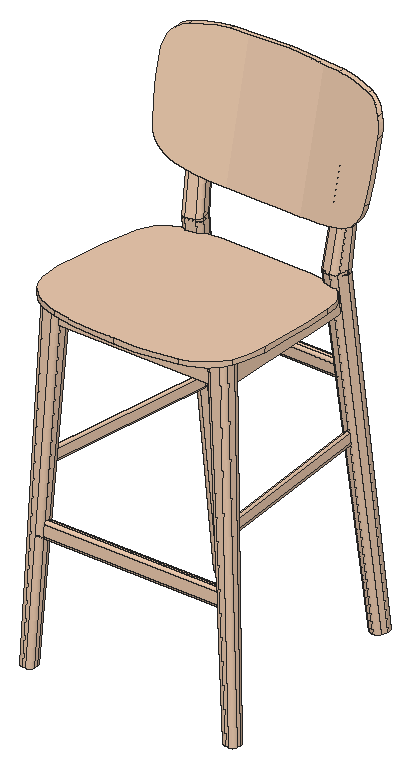
Revit family "FU_Stool_Sandler_Celina 3-12", category Furniture, Revit 2020
Family settings
  OmniClass Number = 23.40.20.00
  OmniClass Title = General Furniture and Specialties
  Work Plane-Based = No
  Always vertical = Yes
  Cut with Voids When Loaded = No
  Shared = No
  Room Calculation Point = No
Parameters (values of type "Celina 3.12")
  Width = 475 mm
  URL = "https://www.sandlerseating.com/product/celina-3-12/"
  Model = "Celina 3.12"
  Manufacturer = "Sandler"
  Height = 1090 mm
  Frame = Wood - Beech - Walnut - V
  Description = "Barstool with a wooden seat and back. The frame is in solid beech."
  Depth = 550 mm
  Default Elevation = 0 mm
Reference planes
  plane 1 "Center (Front/Back)": y = 0
  plane 2: z = 0
  plane 3 "Center (Left/Right)": x = 0
  plane 4 "Right": x = -237.5
  plane 5 "Left": x = 237.5
  plane 6 "Back": y = 275
  plane 7 "Front": y = -275
  plane 8 "Height": z = 1090
  plane 9 "Seat height": z = 770
  plane 10 "Seat Frame Base": through (4267.2, 159.453, 701.275) normal (0, -0.0523, -0.9986)
  plane 11: through (4267.2, 256.992, 4.174) normal (0, -0.9912, -0.1325)
  plane 12: through (4267.2, 195.782, 966.959) normal (0, 0.9866, -0.1633)
  plane 13 "BRL C FRONT": x = -169.085
  plane 14 "BL H": z = 741.259
  plane 15 "Cross Stretch RIGHT": z = 402.471
Forms (mm)
  Sweep 1, solid, material "Wood - Beech - Walnut - V" <- "Frame"
    path origin (0, 37.088, 707.688) x (0, 0.99863, -0.052336) y (1, 0, 0)
      loop
        line (-311.844, 0) -> (148.156, 0)
    profile "Pro_celina_Seat : Pro_celina_Seat" origin (0, -44.644, 711.971) x (1, 0, 0) y (0, -0.052336, -0.99863)
      loop
        arc (237.5, -12.54) -> (0, 0) -> (-237.5, -12.54) r 2255.339
        line (-237.5, -12.54) -> (-237.5, -22.54)
        arc (-237.5, -22.54) -> (0, -10) -> (237.5, -22.54) r 2255.339
        line (237.5, -22.54) -> (237.5, -12.54)
  Extrusion 2, void
    sketch origin (0, 0, 770) x (-1, 0, 0) y (0, -1, 0)
      loop
        arc (0, -160.406) -> (48.43, -159.697) -> (96.792, -157.026) r 1194.181
        arc (96.792, -157.026) -> (125.424, -152.664) -> (153.07, -144.033) r 191.447
        arc (153.07, -144.033) -> (179.743, -128.109) -> (200.057, -104.606) r 97.55
        arc (200.057, -104.606) -> (210.361, -81.825) -> (214.558, -57.177) r 97.88
        arc (214.558, -57.177) -> (221.35, 34.027) -> (224.51, 125.429) r 2299.665
        arc (224.51, 125.429) -> (221.61, 161.639) -> (211.95, 196.658) r 192.276
        arc (211.95, 196.658) -> (179.208, 231.35) -> (134.198, 247.151) r 101.024
        arc (134.198, 247.151) -> (67.293, 254.385) -> (0, 254.704) r 653.875
        arc (0, 254.704) -> (-67.293, 254.385) -> (-134.198, 247.151) r 653.875
        arc (-134.198, 247.151) -> (-179.208, 231.35) -> (-211.95, 196.658) r 101.024
        arc (-211.95, 196.658) -> (-221.61, 161.639) -> (-224.51, 125.429) r 192.276
        arc (-224.51, 125.429) -> (-221.35, 34.027) -> (-214.558, -57.177) r 2299.665
        arc (-214.558, -57.177) -> (-210.361, -81.825) -> (-200.057, -104.606) r 97.88
        arc (-200.057, -104.606) -> (-179.743, -128.109) -> (-153.07, -144.033) r 97.55
        arc (-153.07, -144.033) -> (-125.424, -152.664) -> (-96.792, -157.026) r 191.447
        arc (-96.792, -157.026) -> (-48.43, -159.697) -> (0, -160.406) r 1194.181
      loop
        line (248.521, -200.925) -> (248.521, 289.075) -> (-251.479, 289.075) -> (-251.479, -200.925) -> (248.521, -200.925)
    from -18.812 to -76.796
  Sweep 3, solid, material "Wood - Beech - Walnut - V" <- "Frame"
    path origin (0, 0, 0) x (0, 1, 0) y (0, 0, 1)
      loop
        line (154.569, 770) -> (234.758, 1108.042)
    profile "Pro_celina_Back : Pro_celina_Back" origin (0, 194.663, 939.021) x (0, -0.972998, 0.230812) y (1, 0, 0)
      loop
        arc (50.165, -250) -> (10, 0) -> (50.165, 250) r 798.119
        line (50.165, 250) -> (40.165, 250)
        arc (40.165, 250) -> (0, 0) -> (40.165, -250) r 798.125
        line (40.165, -250) -> (50.165, -250)
  Extrusion 4, void
    sketch origin (0, 0, 0) x (1, 0, 0) y (0, 0, 1)
      loop
        line (0, 1090) -> (-120, 1090)
        arc (-120, 1090) -> (-157.187, 1088.102) -> (-193.987, 1082.427) r 365.188
        arc (-193.987, 1082.427) -> (-214.772, 1073.022) -> (-229.541, 1055.635) r 52.064
        arc (-229.541, 1055.635) -> (-235.86, 1038.434) -> (-237.5, 1020.182) r 70.03
        arc (-237.5, 1020.182) -> (-236.007, 959.471) -> (-231.011, 898.947) r 1050.98
        arc (-231.011, 898.947) -> (-222.49, 872.227) -> (-204.346, 850.843) r 71.485
        arc (-204.346, 850.843) -> (-187.552, 840.272) -> (-168.882, 833.545) r 92.057
        arc (-168.882, 833.545) -> (-132.35, 824.773) -> (-95.021, 820.522) r 307.517
        arc (-95.021, 820.522) -> (-47.524, 818.407) -> (0, 817.032) r 3053.671
        arc (0, 817.032) -> (47.524, 818.407) -> (95.021, 820.522) r 3053.671
        arc (95.021, 820.522) -> (132.35, 824.773) -> (168.882, 833.545) r 307.517
        arc (168.882, 833.545) -> (187.552, 840.272) -> (204.346, 850.843) r 92.057
        arc (204.346, 850.843) -> (222.49, 872.227) -> (231.011, 898.947) r 71.485
        arc (231.011, 898.947) -> (236.007, 959.471) -> (237.5, 1020.182) r 1050.98
        arc (237.5, 1020.182) -> (235.86, 1038.434) -> (229.541, 1055.635) r 70.03
        arc (229.541, 1055.635) -> (214.772, 1073.022) -> (193.987, 1082.427) r 52.064
        arc (193.987, 1082.427) -> (157.187, 1088.102) -> (120, 1090) r 365.188
        line (120, 1090) -> (0, 1090)
      loop
        line (-260, 1133.116) -> (-260, 753.116) -> (260, 753.116) -> (260, 1133.116) -> (-260, 1133.116)
    from -246.089 to -88.141
  Extrusion 5, solid, material "Wood - Beech - Walnut - V" <- "Frame"
    sketch origin (0, 37.088, 707.688) x (0, 0.99863, -0.052336) y (1, 0, 0)
      loop
        line (-206.882, 168.434) -> (113.974, 140.363) -> (116.413, 168.234) -> (-204.444, 196.305) -> (-206.882, 168.434)
    from -7 to 40
  Extrusion 6, solid, material "Wood - Beech - Walnut - V" <- "Frame"
    sketch origin (0, 37.088, 707.688) x (0, 0.99863, -0.052336) y (1, 0, 0)
      loop
        line (-206.882, -168.434) -> (-204.444, -196.305) -> (116.413, -168.234) -> (113.974, -140.363) -> (-206.882, -168.434)
    from -7 to 40
  Extrusion 7, solid, material "Wood - Beech - Walnut - V" <- "Frame"
    sketch origin (0, 0, 0) x (1, 0, 0) y (0, 0, 1)
      loop
        spline (0, 722.98) -> (-13.573, 723.047) -> (-27.153, 723.18) -> (-40.733, 723.381) -> (-54.308, 723.648) -> (-67.871, 723.981) -> (-81.416, 724.382) -> (-94.937, 724.848) -> (-108.428, 725.381) -> (-121.883, 725.979) -> (-135.296, 726.643) -> (-148.659, 727.372) -> (-161.969, 728.166)
        line (-161.969, 728.166) -> (-164.929, 677.955) -> (164.929, 677.955) -> (161.969, 728.156)
        spline (161.969, 728.156) -> (148.66, 727.367) -> (135.296, 726.643) -> (121.883, 725.982) -> (108.429, 725.387) -> (94.937, 724.856) -> (81.416, 724.391) -> (67.871, 723.991) -> (54.308, 723.657) -> (40.733, 723.389) -> (27.152, 723.187) -> (13.573, 723.05) -> (0, 722.98)
    from 173.5 to 201.5
  Blend 8, solid, material "Wood - Beech - Walnut - V" <- "Frame"
    base sketch origin (0, 0, 0) x (1, 0, 0) y (0, 1, 0)
      loop
        arc (-224.698, -192.341) -> (-232.122, -195.416) -> (-235.198, -202.841) r 10.5
        line (-235.198, -202.841) -> (-235.198, -210.841)
        arc (-235.198, -210.841) -> (-232.122, -218.265) -> (-224.698, -221.341) r 10.5
        line (-224.698, -221.341) -> (-216.698, -221.341)
        arc (-216.698, -221.341) -> (-209.273, -218.265) -> (-206.198, -210.841) r 10.5
        line (-206.198, -210.841) -> (-206.198, -202.841)
        arc (-206.198, -202.841) -> (-209.273, -195.416) -> (-216.698, -192.341) r 10.5
        line (-216.698, -192.341) -> (-224.698, -192.341)
    top sketch origin (0, 0, 0) x (1, 0, 0) y (0, 1, 0)
      loop
        arc (-190.863, -165.163) -> (-197.934, -168.092) -> (-200.863, -175.163) r 10
        line (-200.863, -175.163) -> (-200.863, -195.903)
        arc (-200.863, -195.903) -> (-197.934, -202.974) -> (-190.863, -205.903) r 10
        line (-190.863, -205.903) -> (-170.215, -205.903)
        arc (-170.215, -205.903) -> (-163.144, -202.974) -> (-160.215, -195.903) r 10
        line (-160.215, -195.903) -> (-160.215, -175.163)
        arc (-160.215, -175.163) -> (-163.144, -168.092) -> (-170.215, -165.163) r 10
        line (-170.215, -165.163) -> (-190.863, -165.163)
    from 0 to 728.156
  Blend 9, solid, material "Wood - Beech - Walnut - V" <- "Frame"
    base sketch origin (0, 0, 0) x (-1, 0, 0) y (0, -1, 0)
      loop
        line (-224.698, 192.341) -> (-216.698, 192.341)
        arc (-216.698, 192.341) -> (-209.273, 195.416) -> (-206.198, 202.841) r 10.5
        line (-206.198, 202.841) -> (-206.198, 210.841)
        arc (-206.198, 210.841) -> (-209.273, 218.265) -> (-216.698, 221.341) r 10.5
        line (-216.698, 221.341) -> (-224.698, 221.341)
        arc (-224.698, 221.341) -> (-232.122, 218.265) -> (-235.198, 210.841) r 10.5
        line (-235.198, 210.841) -> (-235.198, 202.841)
        arc (-235.198, 202.841) -> (-232.122, 195.416) -> (-224.698, 192.341) r 10.5
    top sketch origin (0, 0, 0) x (-1, 0, 0) y (0, -1, 0)
      loop
        line (-190.863, 165.163) -> (-170.215, 165.163)
        arc (-170.215, 165.163) -> (-163.144, 168.092) -> (-160.215, 175.163) r 10
        line (-160.215, 175.163) -> (-160.215, 195.903)
        arc (-160.215, 195.903) -> (-163.144, 202.974) -> (-170.215, 205.903) r 10
        line (-170.215, 205.903) -> (-190.863, 205.903)
        arc (-190.863, 205.903) -> (-197.934, 202.974) -> (-200.863, 195.903) r 10
        line (-200.863, 195.903) -> (-200.863, 175.163)
        arc (-200.863, 175.163) -> (-197.934, 168.092) -> (-190.863, 165.163) r 10
    from 0 to 728.156
  SweptBlend 10, solid, material "Wood - Beech - Walnut - V" <- "Frame"
    path origin (-169.085, 0, 0) x (0, 0, -1) y (0, -1, 0)
      loop
        line (3.053, -257.958) -> (-743.383, -158.146)
    profile origin (-169.085, 257.958, -3.053) x (0, 0.991178, 0.13254) y (-1, 0, 0)
      loop
        arc (-9.924, 12.667) -> (-16.974, 7.397) -> (-18.232, -1.314) r 11.5
        line (-18.232, -1.314) -> (-16.697, -7.348)
        arc (-16.697, -7.348) -> (-11.427, -14.398) -> (-2.715, -15.656) r 11.5
        line (-2.715, -15.656) -> (8.773, -12.732)
        arc (8.773, -12.732) -> (15.822, -7.462) -> (17.081, 1.249) r 11.5
        line (17.081, 1.249) -> (15.545, 7.283)
        arc (15.545, 7.283) -> (10.275, 14.332) -> (1.564, 15.591) r 11.5
        line (1.564, 15.591) -> (-9.924, 12.667)
    end profile origin (-169.085, 158.146, 743.383) x (0, 0.991178, 0.13254) y (-1, 0, 0)
      loop
        line (4.626, 6.197) -> (-15.096, 0.888)
        arc (-15.096, 0.888) -> (-21.466, -4.012) -> (-22.505, -11.981) r 10.5
        line (-22.505, -11.981) -> (-17.36, -31.092)
        arc (-17.36, -31.092) -> (-12.46, -37.462) -> (-4.491, -38.501) r 10.5
        line (-4.491, -38.501) -> (15.23, -33.192)
        arc (15.23, -33.192) -> (21.6, -28.292) -> (22.639, -20.323) r 10.5
        line (22.639, -20.323) -> (17.494, -1.212)
        arc (17.494, -1.212) -> (12.594, 5.158) -> (4.626, 6.197) r 10.5
  SweptBlend 11, solid, material "Wood - Beech - Walnut - V" <- "Frame"
    path origin (-169.085, 0, 0) x (0, 0, -1) y (0, -1, 0)
      loop
        line (-736.013, -157.561) -> (-975.754, -197.237)
    profile origin (-169.085, 157.561, 736.013) x (0, 0.986581, -0.163275) y (-1, 0, 0)
      loop
        line (5.456, 6.197) -> (-14.265, 0.888)
        arc (-14.265, 0.888) -> (-20.635, -4.012) -> (-21.675, -11.981) r 10.5
        line (-21.675, -11.981) -> (-16.53, -31.092)
        arc (-16.53, -31.092) -> (-11.63, -37.462) -> (-3.661, -38.501) r 10.5
        line (-3.661, -38.501) -> (16.06, -33.192)
        arc (16.06, -33.192) -> (22.43, -28.292) -> (23.47, -20.323) r 10.5
        line (23.47, -20.323) -> (18.325, -1.212)
        arc (18.325, -1.212) -> (13.425, 5.158) -> (5.456, 6.197) r 10.5
    end profile origin (-169.085, 197.237, 975.754) x (0, 0.986581, -0.163275) y (-1, 0, 0)
      loop
        arc (10.443, 5.767) -> (6.259, 11.239) -> (-0.569, 12.149) r 9
        line (-0.569, 12.149) -> (-11.406, 9.265)
        arc (-11.406, 9.265) -> (-16.88, 5.078) -> (-17.791, -1.753) r 9.005
        line (-17.791, -1.753) -> (-13.32, -18.551)
        arc (-13.32, -18.551) -> (-9.135, -24.023) -> (-2.307, -24.933) r 9
        line (-2.307, -24.933) -> (8.534, -22.047)
        arc (8.534, -22.047) -> (14.005, -17.863) -> (14.916, -11.035) r 9
        line (14.916, -11.035) -> (10.443, 5.767)
  SweptBlend 12, solid, material "Wood - Beech - Walnut - V" <- "Frame"
    path origin (169.085, 0, 0) x (0, 0, -1) y (0, 1, 0)
      loop
        line (3.053, 257.958) -> (-743.383, 158.146)
    profile origin (169.085, 257.958, -3.053) x (0, -0.991178, -0.13254) y (1, 0, 0)
      loop
        line (9.924, 12.667) -> (-1.564, 15.591)
        arc (-1.564, 15.591) -> (-10.275, 14.332) -> (-15.545, 7.283) r 11.5
        line (-15.545, 7.283) -> (-17.081, 1.249)
        arc (-17.081, 1.249) -> (-15.822, -7.462) -> (-8.773, -12.732) r 11.5
        line (-8.773, -12.732) -> (2.715, -15.656)
        arc (2.715, -15.656) -> (11.427, -14.398) -> (16.697, -7.348) r 11.5
        line (16.697, -7.348) -> (18.232, -1.314)
        arc (18.232, -1.314) -> (16.974, 7.397) -> (9.924, 12.667) r 11.5
    end profile origin (169.085, 158.146, 743.383) x (0, -0.991178, -0.13254) y (1, 0, 0)
      loop
        arc (-4.626, 6.197) -> (-12.594, 5.158) -> (-17.494, -1.212) r 10.5
        line (-17.494, -1.212) -> (-22.639, -20.323)
        arc (-22.639, -20.323) -> (-21.6, -28.292) -> (-15.23, -33.192) r 10.5
        line (-15.23, -33.192) -> (4.491, -38.501)
        arc (4.491, -38.501) -> (12.46, -37.462) -> (17.36, -31.092) r 10.5
        line (17.36, -31.092) -> (22.505, -11.981)
        arc (22.505, -11.981) -> (21.466, -4.012) -> (15.096, 0.888) r 10.5
        line (15.096, 0.888) -> (-4.626, 6.197)
  SweptBlend 13, solid, material "Wood - Beech - Walnut - V" <- "Frame"
    path origin (169.085, 0, 0) x (0, 0, -1) y (0, 1, 0)
      loop
        line (-736.013, 157.561) -> (-975.754, 197.237)
    profile origin (169.085, 157.561, 736.013) x (0, -0.986581, 0.163275) y (1, 0, 0)
      loop
        arc (-5.456, 6.197) -> (-13.425, 5.158) -> (-18.325, -1.212) r 10.5
        line (-18.325, -1.212) -> (-23.47, -20.323)
        arc (-23.47, -20.323) -> (-22.43, -28.292) -> (-16.06, -33.192) r 10.5
        line (-16.06, -33.192) -> (3.661, -38.501)
        arc (3.661, -38.501) -> (11.63, -37.462) -> (16.53, -31.092) r 10.5
        line (16.53, -31.092) -> (21.675, -11.981)
        arc (21.675, -11.981) -> (20.635, -4.012) -> (14.265, 0.888) r 10.5
        line (14.265, 0.888) -> (-5.456, 6.197)
    end profile origin (169.085, 197.237, 975.754) x (0, -0.986581, 0.163275) y (1, 0, 0)
      loop
        line (-10.443, 5.767) -> (-14.916, -11.035)
        arc (-14.916, -11.035) -> (-14.005, -17.863) -> (-8.534, -22.047) r 9
        line (-8.534, -22.047) -> (2.307, -24.933)
        arc (2.307, -24.933) -> (9.135, -24.023) -> (13.32, -18.551) r 9
        line (13.32, -18.551) -> (17.791, -1.753)
        arc (17.791, -1.753) -> (16.88, 5.078) -> (11.406, 9.265) r 9.005
        line (11.406, 9.265) -> (0.569, 12.149)
        arc (0.569, 12.149) -> (-6.259, 11.239) -> (-10.443, 5.767) r 9
  Extrusion 14, void
    sketch origin (0, 0, 0) x (1, 0, 0) y (0, 1, 0)
      loop
        line (-200.713, 290.36) -> (-200.713, 230.36) -> (-140.713, 230.36) -> (-140.713, 290.36) -> (-200.713, 290.36)
    from 0 to -10
  Extrusion 15, void
    sketch origin (0, 0, 0) x (-1, 0, 0) y (0, -1, 0)
      loop
        line (-200.713, -290.36) -> (-140.713, -290.36) -> (-140.713, -230.36) -> (-200.713, -230.36) -> (-200.713, -290.36)
    from 0 to -10
  Extrusion 16, solid, material "Wood - Beech - Walnut - V" <- "Frame"
    sketch origin (0, 0, 0) x (0, 1, 0) y (0, 0, 1)
      loop
        arc (-209.827, 259.938) -> (-208.115, 255.614) -> (-203.828, 253.811) r 6
        line (-203.828, 253.811) -> (-197.594, 253.811)
        arc (-197.594, 253.811) -> (-193.396, 255.524) -> (-191.595, 259.685) r 6
        line (-191.595, 259.685) -> (-191.084, 283.964)
        arc (-191.084, 283.964) -> (-192.795, 288.288) -> (-197.082, 290.09) r 6
        line (-197.082, 290.09) -> (-203.3, 290.09)
        arc (-203.3, 290.09) -> (-207.51, 288.372) -> (-209.316, 284.2) r 6.017
        line (-209.316, 284.2) -> (-209.827, 259.938)
    from -204 to 204
  Extrusion 17, solid, material "Wood - Beech - Walnut - V" <- "Frame"
    sketch origin (0, 384.812, 261.678) x (0, 1, 0) y (0, 0, 1)
      loop
        arc (-209.597, 258.954) -> (-207.212, 254.962) -> (-202.691, 253.872) r 6
        line (-202.691, 253.872) -> (-196.538, 254.875)
        arc (-196.538, 254.875) -> (-192.67, 257.241) -> (-191.562, 261.637) r 6
        line (-191.562, 261.637) -> (-194.961, 285.681)
        arc (-194.961, 285.681) -> (-197.346, 289.674) -> (-201.867, 290.763) r 6
        line (-201.867, 290.763) -> (-208.004, 289.763)
        arc (-208.004, 289.763) -> (-211.882, 287.391) -> (-212.994, 282.982) r 6.017
        line (-212.994, 282.982) -> (-209.597, 258.954)
    from -170 to 170
  Blend 18, solid, material "Wood - Beech - Walnut - V" <- "Frame"
    base sketch origin (0, 0, 0) x (1, 0, 0) y (0, 0, 1)
      loop
        arc (-204.013, 392.248) -> (-202.593, 388.608) -> (-199.015, 387.042) r 5.1
        arc (-199.015, 387.042) -> (-195.511, 388.532) -> (-194.016, 392.033) r 5.1
        line (-194.016, 392.033) -> (-193.599, 411.833)
        arc (-193.599, 411.833) -> (-195.016, 415.47) -> (-198.591, 417.039) r 5.1
        arc (-198.591, 417.039) -> (-202.1, 415.543) -> (-203.597, 412.034) r 5.114
        line (-203.597, 412.034) -> (-204.013, 392.248)
    top sketch origin (0, 0, 0) x (1, 0, 0) y (0, 0, 1)
      loop
        arc (-162.73, 392.248) -> (-161.31, 388.608) -> (-157.731, 387.042) r 5.1
        arc (-157.731, 387.042) -> (-154.227, 388.532) -> (-152.732, 392.033) r 5.1
        line (-152.732, 392.033) -> (-152.315, 411.833)
        arc (-152.315, 411.833) -> (-153.733, 415.47) -> (-157.307, 417.039) r 5.1
        arc (-157.307, 417.039) -> (-160.816, 415.543) -> (-162.313, 412.034) r 5.114
        line (-162.313, 412.034) -> (-162.73, 392.248)
    from 185 to -195
  Blend 19, solid, material "Wood - Beech - Walnut - V" <- "Frame"
    base sketch origin (0, 0, 0) x (-1, 0, 0) y (0, 0, -1)
      loop
        line (-204.013, -392.248) -> (-203.597, -412.034)
        arc (-203.597, -412.034) -> (-202.1, -415.543) -> (-198.591, -417.039) r 5.114
        arc (-198.591, -417.039) -> (-195.016, -415.47) -> (-193.599, -411.833) r 5.1
        line (-193.599, -411.833) -> (-194.016, -392.033)
        arc (-194.016, -392.033) -> (-195.511, -388.532) -> (-199.015, -387.042) r 5.1
        arc (-199.015, -387.042) -> (-202.593, -388.608) -> (-204.013, -392.248) r 5.1
    top sketch origin (0, 0, 0) x (-1, 0, 0) y (0, 0, -1)
      loop
        line (-162.73, -392.248) -> (-162.313, -412.034)
        arc (-162.313, -412.034) -> (-160.816, -415.543) -> (-157.307, -417.039) r 5.114
        arc (-157.307, -417.039) -> (-153.733, -415.47) -> (-152.315, -411.833) r 5.1
        line (-152.315, -411.833) -> (-152.732, -392.033)
        arc (-152.732, -392.033) -> (-154.227, -388.532) -> (-157.731, -387.042) r 5.1
        arc (-157.731, -387.042) -> (-161.31, -388.608) -> (-162.73, -392.248) r 5.1
    from 185 to -195
Cuts and joins
  Extrusion 2 cuts Sweep 1
  Extrusion 4 cuts Sweep 3
  Extrusion 14, Extrusion 15 cuts SweptBlend 10
  Extrusion 15 cuts SweptBlend 12
Dimensions and locks
  equal spacing: plane 4 "Right", plane 3 "Center (Left/Right)", plane 5 "Left"
  "Width": plane 4 "Right" to plane 5 "Left"
  equal spacing: plane 6 "Back", plane 1 "Center (Front/Back)", plane 7 "Front"
  "Depth": plane 6 "Back" to plane 7 "Front"
  "Height": plane 8 "Height" to level
  plane 9 "Seat height" to level = 770 mm
  aligned and locked: level to plane 2
Automatic sketch dimensions
  Sweep 1 sketch curve to plane 3 "Center (Left/Right)" = 0 mm
  Sweep 1 sketch curve to Sweep 1 sketch curve = 460 mm
  Extrusion 2 sketch curve to plane 3 "Center (Left/Right)" = 0 mm  (x2)
  plane 3 "Center (Left/Right)" to Extrusion 2 sketch curve = 6.754 mm
  plane 3 "Center (Left/Right)" to Extrusion 2 sketch curve = 30.551 mm
  plane 3 "Center (Left/Right)" to Extrusion 2 sketch curve = 32.255 mm
  plane 3 "Center (Left/Right)" to Extrusion 2 sketch curve = 82.357 mm
  Extrusion 2 sketch curve to plane 1 "Center (Front/Back)" = 53.208 mm  (x2)
  Extrusion 2 sketch curve to Extrusion 2 sketch curve = 34.401 mm
  Extrusion 2 sketch curve to Extrusion 2 sketch curve = 0.281 mm  (x2)
  Extrusion 2 sketch curve to Extrusion 2 sketch curve = 91.932 mm
  Extrusion 2 sketch curve to plane 5 "Left" = 13.979 mm
  plane 7 "Front" to Extrusion 2 sketch curve = 115.821 mm  (x2)
  Extrusion 2 sketch curve to Extrusion 2 sketch curve = 1823.429 mm
  Extrusion 2 sketch curve to plane 3 "Center (Left/Right)" = 6.754 mm
  Extrusion 2 sketch curve to plane 3 "Center (Left/Right)" = 30.551 mm
  Extrusion 2 sketch curve to plane 3 "Center (Left/Right)" = 32.255 mm
  plane 1 "Center (Front/Back)" to Extrusion 2 sketch curve = 33.877 mm  (x2)
  Extrusion 2 sketch curve to plane 3 "Center (Left/Right)" = 82.357 mm
  Extrusion 2 sketch curve to plane 13 "BRL C FRONT" = 52.326 mm
  Extrusion 2 sketch curve to plane 13 "BRL C FRONT" = 44.898 mm
  plane 4 "Right" to Extrusion 2 sketch curve = 11.021 mm
  Extrusion 2 sketch curve to Extrusion 2 sketch curve = 1826.387 mm
  Extrusion 2 sketch curve to Extrusion 2 sketch curve = 0.173 mm  (x2)
  Extrusion 2 sketch curve to plane 6 "Back" = 74.075 mm
  plane 6 "Back" to Extrusion 2 sketch curve = 123.457 mm
  Extrusion 2 sketch curve to Extrusion 2 sketch curve = 0 mm  (x9)
  Extrusion 2 sketch curve to Extrusion 2 sketch curve = 94.374 mm
  Extrusion 2 sketch curve to Extrusion 2 sketch curve = 18.373 mm  (x2)
  Extrusion 2 sketch curve to plane 7 "Front" = 14.075 mm
  Extrusion 2 sketch curve to plane 7 "Front" = 758.756 mm
  plane 3 "Center (Left/Right)" to Extrusion 2 sketch curve = 96.792 mm
  plane 7 "Front" to Extrusion 2 sketch curve = 27.849 mm  (x2)
  Extrusion 2 sketch curve to Extrusion 2 sketch curve = 10.011 mm
  plane 5 "Left" to Extrusion 2 sketch curve = 25.55 mm
  plane 5 "Left" to Extrusion 2 sketch curve = 22.942 mm
  Extrusion 2 sketch curve to plane 4 "Right" = 25.55 mm
  Extrusion 2 sketch curve to plane 4 "Right" = 22.942 mm
  Sweep 3 sketch curve to plane 9 "Seat height" = 0 mm
  Sweep 3 sketch curve to plane 6 "Back" = 120.431 mm
  plane 8 "Height" to Sweep 3 sketch curve = 18.042 mm
  Sweep 3 sketch curve to plane 6 "Back" = 40.242 mm
  plane 4 "Right" to Extrusion 4 sketch curve = 0 mm
  Extrusion 4 sketch curve to plane 8 "Height" = 0 mm
  Extrusion 4 sketch curve to plane 3 "Center (Left/Right)" = 0 mm  (x2)
  plane 5 "Left" to Extrusion 4 sketch curve = 0 mm
  plane 4 "Right" to Extrusion 4 sketch curve = 22.5 mm
  Extrusion 4 sketch curve to plane 8 "Height" = 74.355 mm  (x2)
  Extrusion 4 sketch curve to Extrusion 4 sketch curve = 553.47 mm  (x2)
  plane 13 "BRL C FRONT" to Extrusion 4 sketch curve = 14.354 mm
  Extrusion 4 sketch curve to plane 13 "BRL C FRONT" = 1.555 mm
  Extrusion 4 sketch curve to plane 13 "BRL C FRONT" = 9.117 mm
  Extrusion 4 sketch curve to Extrusion 4 sketch curve = 12.771 mm  (x2)
  Extrusion 4 sketch curve to plane 14 "BL H" = 16.447 mm  (x2)
  Extrusion 4 sketch curve to plane 13 "BRL C FRONT" = 49.085 mm
  Extrusion 4 sketch curve to Extrusion 4 sketch curve = 41.05 mm
  Extrusion 4 sketch curve to plane 3 "Center (Left/Right)" = 64.564 mm
  plane 3 "Center (Left/Right)" to Extrusion 4 sketch curve = 64.564 mm
  plane 8 "Height" to Extrusion 4 sketch curve = 37.618 mm  (x2)
  plane 3 "Center (Left/Right)" to Extrusion 4 sketch curve = 78.95 mm
  plane 5 "Left" to Extrusion 4 sketch curve = 117.5 mm
  plane 5 "Left" to Extrusion 4 sketch curve = 90.303 mm
  plane 5 "Left" to Extrusion 4 sketch curve = 69.97 mm
  Extrusion 4 sketch curve to Extrusion 4 sketch curve = 15.909 mm
  Extrusion 4 sketch curve to plane 5 "Left" = 22.5 mm
  plane 14 "BL H" to Extrusion 4 sketch curve = 11.857 mm
  plane 9 "Seat height" to Extrusion 4 sketch curve = 136.884 mm  (x2)
  Extrusion 4 sketch curve to Extrusion 4 sketch curve = 16.127 mm  (x2)
  Extrusion 4 sketch curve to plane 8 "Height" = 66.906 mm  (x2)
  Extrusion 4 sketch curve to Extrusion 4 sketch curve = 8.349 mm  (x2)
  plane 8 "Height" to Extrusion 4 sketch curve = 43.116 mm
  Extrusion 4 sketch curve to Extrusion 4 sketch curve = 2742.401 mm
  Extrusion 4 sketch curve to Extrusion 4 sketch curve = 0 mm  (x9)
  Extrusion 4 sketch curve to Extrusion 4 sketch curve = 71.043 mm
  Extrusion 4 sketch curve to plane 13 "BRL C FRONT" = 0.203 mm
  plane 9 "Seat height" to Extrusion 4 sketch curve = 63.545 mm
  plane 5 "Left" to Extrusion 5 sketch curve = 69.066 mm
  plane 5 "Left" to Extrusion 5 sketch curve = 41.195 mm
  Extrusion 5 sketch curve to Extrusion 5 sketch curve = 2.438 mm
  plane 5 "Left" to Extrusion 5 sketch curve = 97.137 mm
  plane 13 "BRL C FRONT" to Extrusion 6 sketch curve = 0.651 mm
  Extrusion 6 sketch curve to plane 13 "BRL C FRONT" = 27.22 mm
  Extrusion 6 sketch curve to Extrusion 6 sketch curve = 2.438 mm
  plane 13 "BRL C FRONT" to Extrusion 6 sketch curve = 28.722 mm
  Extrusion 7 sketch curve to plane 13 "BRL C FRONT" = 4.156 mm
  Extrusion 7 sketch curve to plane 13 "BRL C FRONT" = 7.116 mm
  Extrusion 7 sketch curve to plane 14 "BL H" = 13.103 mm
  plane 5 "Left" to Extrusion 7 sketch curve = 75.531 mm
  Extrusion 7 sketch curve to Extrusion 7 sketch curve = 2.96 mm
  Extrusion 7 sketch curve to Extrusion 7 sketch curve = 50.201 mm
  Extrusion 7 sketch curve to Extrusion 7 sketch curve = 50.211 mm
  Extrusion 7 sketch curve to plane 3 "Center (Left/Right)" = 28.551 mm
  Extrusion 7 sketch curve to plane 3 "Center (Left/Right)" = 0 mm
  plane 3 "Center (Left/Right)" to Extrusion 7 sketch curve = 28.575 mm
  plane 9 "Seat height" to Extrusion 7 sketch curve = 91.627 mm
  Extrusion 7 sketch curve to plane 5 "Left" = 370.996 mm
  Extrusion 7 sketch curve to Extrusion 7 sketch curve = 57.126 mm
  Blend 8 sketch curve to plane 4 "Right" = 2.302 mm
  Blend 8 sketch curve to plane 4 "Right" = 12.802 mm
  Blend 8 sketch curve to Blend 8 sketch curve = 0 mm
  Blend 8 sketch curve to Blend 8 sketch curve = 8 mm  (x3)
  Blend 8 sketch curve to Blend 8 sketch curve = 10.5 mm
  plane 7 "Front" to Blend 8 sketch curve = 53.659 mm
  plane 13 "BRL C FRONT" to Blend 8 sketch curve = 31.778 mm
  Blend 8 sketch curve to Blend 8 sketch curve = 10 mm  (x2)
  plane 13 "BRL C FRONT" to Blend 8 sketch curve = 1.13 mm  (x2)
  Blend 8 sketch curve to plane 13 "BRL C FRONT" = 8.87 mm
  plane 7 "Front" to Blend 8 sketch curve = 69.097 mm
  Blend 8 sketch curve to Blend 8 sketch curve = 20.739 mm
  Blend 9 sketch curve to plane 5 "Left" = 2.302 mm
  Blend 9 sketch curve to plane 5 "Left" = 12.802 mm
  Blend 9 sketch curve to Blend 9 sketch curve = 0 mm
  Blend 9 sketch curve to Blend 9 sketch curve = 8 mm  (x3)
  Blend 9 sketch curve to Blend 9 sketch curve = 10.5 mm
  Blend 9 sketch curve to plane 7 "Front" = 53.659 mm
  Blend 9 sketch curve to plane 5 "Left" = 36.637 mm
  Blend 9 sketch curve to Blend 9 sketch curve = 10 mm  (x3)
  Blend 9 sketch curve to Blend 9 sketch curve = 20.648 mm  (x2)
  Blend 9 sketch curve to plane 7 "Front" = 69.097 mm
  Blend 9 sketch curve to Blend 9 sketch curve = 20.739 mm
  plane 11 to SweptBlend 10 sketch curve = 0 mm  (x2)
  plane 14 "BL H" to SweptBlend 10 sketch curve = 2.124 mm
  SweptBlend 10 sketch curve to level = 3.053 mm
  SweptBlend 10 sketch curve to plane 13 "BRL C FRONT" = 1.314 mm
  profile plane to SweptBlend 10 sketch curve = 18.232 mm
  SweptBlend 10 sketch curve to plane 13 "BRL C FRONT" = 7.348 mm
  SweptBlend 10 sketch curve to SweptBlend 10 sketch curve = 1.536 mm  (x2)
  profile plane to SweptBlend 10 sketch curve = 9.924 mm
  plane 13 "BRL C FRONT" to SweptBlend 10 sketch curve = 1.522 mm
  profile plane to SweptBlend 10 sketch curve = 7.088 mm
  profile plane to SweptBlend 10 sketch curve = 5.552 mm
  profile plane to SweptBlend 10 sketch curve = 2.715 mm
  SweptBlend 10 sketch curve to profile plane = 1.564 mm
  SweptBlend 10 sketch curve to profile plane = 4.4 mm
  SweptBlend 10 sketch curve to plane 13 "BRL C FRONT" = 1.587 mm
  SweptBlend 10 sketch curve to profile plane = 5.936 mm
  SweptBlend 10 sketch curve to profile plane = 8.773 mm
  plane 13 "BRL C FRONT" to SweptBlend 10 sketch curve = 7.283 mm
  SweptBlend 10 sketch curve to SweptBlend 10 sketch curve = 11.145 mm
  plane 13 "BRL C FRONT" to SweptBlend 10 sketch curve = 1.249 mm
  SweptBlend 10 sketch curve to SweptBlend 10 sketch curve = 2.924 mm
  plane 13 "BRL C FRONT" to SweptBlend 10 sketch curve = 4.446 mm
  profile plane to SweptBlend 10 sketch curve = 22.505 mm
  profile plane to SweptBlend 10 sketch curve = 17.36 mm
  plane 13 "BRL C FRONT" to SweptBlend 10 sketch curve = 0.888 mm
  SweptBlend 10 sketch curve to SweptBlend 10 sketch curve = 7.409 mm
  SweptBlend 10 sketch curve to plane 13 "BRL C FRONT" = 9.251 mm
  SweptBlend 10 sketch curve to SweptBlend 10 sketch curve = 2.73 mm  (x4)
  profile plane to SweptBlend 10 sketch curve = 7.221 mm
  profile plane to SweptBlend 10 sketch curve = 4.491 mm
  SweptBlend 10 sketch curve to profile plane = 4.626 mm
  SweptBlend 10 sketch curve to profile plane = 7.355 mm
  SweptBlend 10 sketch curve to profile plane = 12.5 mm
  SweptBlend 10 sketch curve to plane 13 "BRL C FRONT" = 1.212 mm
  SweptBlend 10 sketch curve to SweptBlend 10 sketch curve = 10.139 mm  (x2)
  SweptBlend 10 sketch curve to SweptBlend 10 sketch curve = 19.111 mm  (x2)
  SweptBlend 10 sketch curve to plane 13 "BRL C FRONT" = 3.942 mm
  plane 12 to SweptBlend 11 sketch curve = 0 mm  (x2)
  SweptBlend 11 sketch curve to plane 6 "Back" = 77.763 mm
  SweptBlend 11 sketch curve to plane 14 "BL H" = 5.246 mm
  profile plane to SweptBlend 11 sketch curve = 21.675 mm
  profile plane to SweptBlend 11 sketch curve = 16.53 mm
  plane 13 "BRL C FRONT" to SweptBlend 11 sketch curve = 0.888 mm
  profile plane to SweptBlend 11 sketch curve = 14.265 mm
  SweptBlend 11 sketch curve to plane 13 "BRL C FRONT" = 9.251 mm
  SweptBlend 11 sketch curve to SweptBlend 11 sketch curve = 10.139 mm  (x3)
  profile plane to SweptBlend 11 sketch curve = 6.391 mm
  profile plane to SweptBlend 11 sketch curve = 3.661 mm
  SweptBlend 11 sketch curve to profile plane = 5.456 mm
  SweptBlend 11 sketch curve to plane 13 "BRL C FRONT" = 3.942 mm
  SweptBlend 11 sketch curve to profile plane = 8.186 mm
  SweptBlend 11 sketch curve to profile plane = 13.331 mm
  SweptBlend 11 sketch curve to SweptBlend 11 sketch curve = 2.73 mm  (x3)
  SweptBlend 11 sketch curve to plane 13 "BRL C FRONT" = 1.212 mm
  SweptBlend 11 sketch curve to SweptBlend 11 sketch curve = 19.111 mm  (x2)
  SweptBlend 11 sketch curve to plane 13 "BRL C FRONT" = 1.753 mm
  profile plane to SweptBlend 11 sketch curve = 17.791 mm
  profile plane to SweptBlend 11 sketch curve = 13.32 mm
  profile plane to SweptBlend 11 sketch curve = 11.406 mm
  plane 13 "BRL C FRONT" to SweptBlend 11 sketch curve = 0.563 mm
  SweptBlend 11 sketch curve to SweptBlend 11 sketch curve = 2.316 mm
  profile plane to SweptBlend 11 sketch curve = 4.622 mm
  profile plane to SweptBlend 11 sketch curve = 2.307 mm
  profile plane to SweptBlend 11 sketch curve = 0.569 mm
  SweptBlend 11 sketch curve to profile plane = 1.746 mm
  SweptBlend 11 sketch curve to profile plane = 6.218 mm
  SweptBlend 11 sketch curve to profile plane = 8.534 mm
  plane 13 "BRL C FRONT" to SweptBlend 11 sketch curve = 5.767 mm
  SweptBlend 11 sketch curve to SweptBlend 11 sketch curve = 8.697 mm  (x2)
  SweptBlend 11 sketch curve to plane 13 "BRL C FRONT" = 11.035 mm
  SweptBlend 11 sketch curve to SweptBlend 11 sketch curve = 2.315 mm  (x2)
  SweptBlend 11 sketch curve to SweptBlend 11 sketch curve = 2.886 mm
  plane 13 "BRL C FRONT" to SweptBlend 11 sketch curve = 3.452 mm
  SweptBlend 12 sketch curve to plane 11 = 0 mm
  plane 11 to SweptBlend 12 sketch curve = 0 mm
  plane 14 "BL H" to SweptBlend 12 sketch curve = 2.124 mm
  SweptBlend 12 sketch curve to level = 3.053 mm
  profile plane to SweptBlend 12 sketch curve = 1.249 mm
  profile plane to SweptBlend 12 sketch curve = 17.081 mm
  profile plane to SweptBlend 12 sketch curve = 7.283 mm
  SweptBlend 12 sketch curve to SweptBlend 12 sketch curve = 1.536 mm  (x3)
  profile plane to SweptBlend 12 sketch curve = 8.773 mm
  SweptBlend 12 sketch curve to profile plane = 1.587 mm
  profile plane to SweptBlend 12 sketch curve = 5.936 mm
  profile plane to SweptBlend 12 sketch curve = 4.4 mm
  profile plane to SweptBlend 12 sketch curve = 1.564 mm
  SweptBlend 12 sketch curve to profile plane = 2.715 mm
  SweptBlend 12 sketch curve to profile plane = 5.552 mm
  profile plane to SweptBlend 12 sketch curve = 1.522 mm
  SweptBlend 12 sketch curve to profile plane = 9.924 mm
  SweptBlend 12 sketch curve to profile plane = 7.348 mm
  SweptBlend 12 sketch curve to SweptBlend 12 sketch curve = 11.145 mm
  SweptBlend 12 sketch curve to profile plane = 1.314 mm
  SweptBlend 12 sketch curve to SweptBlend 12 sketch curve = 2.924 mm
  profile plane to SweptBlend 12 sketch curve = 4.446 mm
  profile plane to SweptBlend 12 sketch curve = 22.639 mm
  SweptBlend 12 sketch curve to profile plane = 1.212 mm
  profile plane to SweptBlend 12 sketch curve = 17.494 mm
  SweptBlend 12 sketch curve to SweptBlend 12 sketch curve = 7.409 mm
  SweptBlend 12 sketch curve to SweptBlend 12 sketch curve = 10.139 mm  (x3)
  profile plane to SweptBlend 12 sketch curve = 7.355 mm
  profile plane to SweptBlend 12 sketch curve = 4.626 mm
  SweptBlend 12 sketch curve to profile plane = 4.491 mm
  SweptBlend 12 sketch curve to profile plane = 7.221 mm
  SweptBlend 12 sketch curve to profile plane = 12.366 mm
  profile plane to SweptBlend 12 sketch curve = 0.888 mm
  SweptBlend 12 sketch curve to SweptBlend 12 sketch curve = 2.73 mm  (x3)
  SweptBlend 12 sketch curve to profile plane = 11.981 mm
  SweptBlend 12 sketch curve to SweptBlend 12 sketch curve = 19.111 mm  (x2)
  SweptBlend 12 sketch curve to profile plane = 3.942 mm
  plane 12 to SweptBlend 13 sketch curve = 0 mm
  SweptBlend 13 sketch curve to plane 12 = 0 mm
  SweptBlend 13 sketch curve to plane 6 "Back" = 77.763 mm
  SweptBlend 13 sketch curve to plane 14 "BL H" = 5.246 mm
  profile plane to SweptBlend 13 sketch curve = 23.47 mm
  SweptBlend 13 sketch curve to profile plane = 1.212 mm
  profile plane to SweptBlend 13 sketch curve = 18.325 mm
  SweptBlend 13 sketch curve to SweptBlend 13 sketch curve = 7.409 mm
  SweptBlend 13 sketch curve to SweptBlend 13 sketch curve = 10.139 mm  (x3)
  SweptBlend 13 sketch curve to profile plane = 3.942 mm
  profile plane to SweptBlend 13 sketch curve = 8.186 mm
  profile plane to SweptBlend 13 sketch curve = 5.456 mm
  SweptBlend 13 sketch curve to profile plane = 3.661 mm
  SweptBlend 13 sketch curve to profile plane = 6.391 mm
  SweptBlend 13 sketch curve to profile plane = 11.536 mm
  profile plane to SweptBlend 13 sketch curve = 0.888 mm
  SweptBlend 13 sketch curve to SweptBlend 13 sketch curve = 2.73 mm  (x3)
  SweptBlend 13 sketch curve to profile plane = 11.981 mm
  SweptBlend 13 sketch curve to SweptBlend 13 sketch curve = 19.111 mm  (x2)
  profile plane to SweptBlend 13 sketch curve = 14.916 mm
  profile plane to SweptBlend 13 sketch curve = 10.443 mm
  profile plane to SweptBlend 13 sketch curve = 8.534 mm
  profile plane to SweptBlend 13 sketch curve = 6.218 mm
  profile plane to SweptBlend 13 sketch curve = 1.746 mm
  SweptBlend 13 sketch curve to profile plane = 0.569 mm
  SweptBlend 13 sketch curve to profile plane = 2.307 mm
  SweptBlend 13 sketch curve to profile plane = 4.622 mm
  profile plane to SweptBlend 13 sketch curve = 0.563 mm
  SweptBlend 13 sketch curve to profile plane = 9.089 mm
  SweptBlend 13 sketch curve to SweptBlend 13 sketch curve = 2.316 mm
  SweptBlend 13 sketch curve to SweptBlend 13 sketch curve = 8.697 mm
  SweptBlend 13 sketch curve to profile plane = 1.753 mm
  SweptBlend 13 sketch curve to SweptBlend 13 sketch curve = 8.702 mm
  SweptBlend 13 sketch curve to profile plane = 11.035 mm
  SweptBlend 13 sketch curve to SweptBlend 13 sketch curve = 2.315 mm  (x2)
  SweptBlend 13 sketch curve to SweptBlend 13 sketch curve = 2.886 mm
  profile plane to SweptBlend 13 sketch curve = 3.452 mm
  profile plane to SweptBlend 13 sketch curve = 5.767 mm
  plane 13 "BRL C FRONT" to Extrusion 14 sketch curve = 31.628 mm
  Extrusion 14 sketch curve to plane 13 "BRL C FRONT" = 28.372 mm
  Extrusion 14 sketch curve to plane 6 "Back" = 44.64 mm
  plane 6 "Back" to Extrusion 14 sketch curve = 15.36 mm
  Extrusion 15 sketch curve to plane 5 "Left" = 36.787 mm
  Extrusion 15 sketch curve to Extrusion 15 sketch curve = 60 mm
  plane 6 "Back" to Extrusion 15 sketch curve = 44.64 mm
  Extrusion 15 sketch curve to plane 6 "Back" = 15.36 mm
  plane 7 "Front" to Extrusion 16 sketch curve = 65.173 mm
  Extrusion 16 sketch curve to Extrusion 16 sketch curve = 0.511 mm
  Extrusion 16 sketch curve to Extrusion 16 sketch curve = 5.999 mm  (x3)
  Extrusion 16 sketch curve to Extrusion 16 sketch curve = 6.016 mm
  Extrusion 16 sketch curve to Extrusion 16 sketch curve = 6.235 mm
  Extrusion 16 sketch curve to Extrusion 16 sketch curve = 6.218 mm
  Extrusion 16 sketch curve to plane 15 "Cross Stretch RIGHT" = 148.66 mm
  Extrusion 16 sketch curve to Extrusion 16 sketch curve = 5.874 mm
  Extrusion 16 sketch curve to Extrusion 16 sketch curve = 6 mm
  Extrusion 16 sketch curve to Extrusion 16 sketch curve = 24.278 mm
  Extrusion 16 sketch curve to Extrusion 16 sketch curve = 0.109 mm
  Extrusion 16 sketch curve to Extrusion 16 sketch curve = 0.126 mm
  Extrusion 17 sketch curve to plane 6 "Back" = 103.182 mm
  Extrusion 17 sketch curve to Extrusion 17 sketch curve = 3.397 mm
  Extrusion 17 sketch curve to Extrusion 17 sketch curve = 4.99 mm
  Extrusion 17 sketch curve to Extrusion 17 sketch curve = 5.958 mm
  Extrusion 17 sketch curve to Extrusion 17 sketch curve = 5.941 mm  (x3)
  Extrusion 17 sketch curve to Extrusion 17 sketch curve = 0.965 mm  (x3)
  Extrusion 17 sketch curve to Extrusion 17 sketch curve = 6.137 mm
  Extrusion 17 sketch curve to Extrusion 17 sketch curve = 6.153 mm
  plane 15 "Cross Stretch RIGHT" to Extrusion 17 sketch curve = 113.079 mm
  Extrusion 17 sketch curve to Extrusion 17 sketch curve = 1.003 mm
  Extrusion 17 sketch curve to Extrusion 17 sketch curve = 5.082 mm
  Extrusion 17 sketch curve to Extrusion 17 sketch curve = 5.922 mm
  Extrusion 17 sketch curve to Extrusion 17 sketch curve = 24.028 mm
  Extrusion 17 sketch curve to Extrusion 17 sketch curve = 0.842 mm
  Extrusion 17 sketch curve to Extrusion 17 sketch curve = 1.017 mm
  Extrusion 17 sketch curve to Extrusion 17 sketch curve = 0.84 mm
  Blend 18 sketch curve to plane 15 "Cross Stretch RIGHT" = 10.223 mm
  Blend 18 sketch curve to plane 4 "Right" = 33.487 mm
  plane 15 "Cross Stretch RIGHT" to Blend 18 sketch curve = 9.562 mm
  Blend 18 sketch curve to Blend 18 sketch curve = 0.417 mm
  Blend 18 sketch curve to Blend 18 sketch curve = 4.899 mm  (x6)
  Blend 18 sketch curve to Blend 18 sketch curve = 0.2 mm  (x2)
  Blend 18 sketch curve to Blend 18 sketch curve = 0.214 mm  (x2)
  Blend 18 sketch curve to plane 15 "Cross Stretch RIGHT" = 10.438 mm  (x2)
  plane 15 "Cross Stretch RIGHT" to Blend 18 sketch curve = 9.362 mm  (x2)
  Blend 18 sketch curve to Blend 18 sketch curve = 4.885 mm  (x2)
  Blend 18 sketch curve to Blend 18 sketch curve = 0.107 mm  (x3)
  Blend 18 sketch curve to Blend 18 sketch curve = 0 mm  (x2)
  Blend 18 sketch curve to Blend 18 sketch curve = 0.093 mm  (x3)
  Blend 18 sketch curve to Blend 18 sketch curve = 0.014 mm  (x2)
  Blend 18 sketch curve to plane 13 "BRL C FRONT" = 6.355 mm
  Blend 18 sketch curve to plane 13 "BRL C FRONT" = 6.772 mm
  plane 15 "Cross Stretch RIGHT" to Blend 19 sketch curve = 10.223 mm  (x2)
  Blend 19 sketch curve to plane 5 "Left" = 33.487 mm
  Blend 19 sketch curve to plane 15 "Cross Stretch RIGHT" = 9.562 mm  (x2)
  Blend 19 sketch curve to Blend 19 sketch curve = 0.417 mm  (x2)
  Blend 19 sketch curve to Blend 19 sketch curve = 4.899 mm  (x6)
  Blend 19 sketch curve to Blend 19 sketch curve = 0.2 mm  (x2)
  Blend 19 sketch curve to Blend 19 sketch curve = 0.214 mm  (x2)
  plane 15 "Cross Stretch RIGHT" to Blend 19 sketch curve = 10.438 mm  (x2)
  Blend 19 sketch curve to plane 15 "Cross Stretch RIGHT" = 9.362 mm  (x2)
  Blend 19 sketch curve to Blend 19 sketch curve = 4.885 mm  (x2)
  Blend 19 sketch curve to Blend 19 sketch curve = 0.107 mm  (x2)
  Blend 19 sketch curve to Blend 19 sketch curve = 0 mm  (x2)
  Blend 19 sketch curve to Blend 19 sketch curve = 0.093 mm  (x2)
  Blend 19 sketch curve to Blend 19 sketch curve = 0.014 mm  (x2)
  Blend 19 sketch curve to plane 5 "Left" = 74.77 mm
